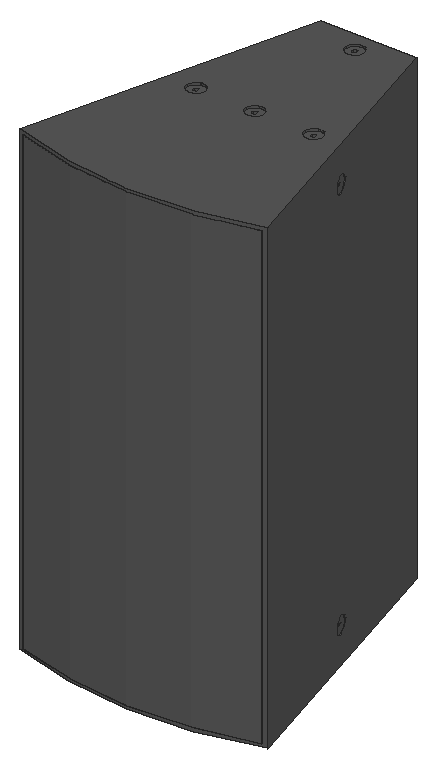
Revit family "1Electronics_Community-Point-Source_Biamp_IP6_1152WR", category Communication Devices, host Face, Revit 2020
Family settings
  Host = Face
  Maintain Annotation Orientation = No
  Round Connector Dimension = Use Diameter
  Part Type = Normal
  OmniClass Number = 23.85.10.11.14.14.14
  OmniClass Title = Loudspeakers
  Cut with Voids When Loaded = No
  Shared = No
  Room Calculation Point = No
Parameters (values of type "Please download type catalogue!")
  Width = 1' - 4 1/2"  # constant formula
  Weight = 79.00 lbf  # constant formula
  URL = "https://www.biamp.com/"
  Transducers = "LF 1 x 15 (381mm) ferrite driver, 3 (76mm) voice coil; HF 1 x 1.4 (36mm) exit, 3 (76mm) voice coil, hybrid titanium polyimide diaphragm, ferrite compression driver"  # constant formula
  Shipping Weight = 92.00 lbf  # constant formula
  Recommended Amplifiers = "LF - 500W - 1000W @ 8 ohms, (63V - 89V); HF - 75W - 150W @ 8 ohms (24V - 35V)"  # constant formula
  Product data url = "https://www.bimobject.com/biamp/product/ip6-1152wr_community-point-source"
  Product Page URL = "https://www.biamp.com/products/product-families/community/point-source#ip6-1152wr"
  Product Documentation Link = "https://www.biamp.com/products/product-families/community/point-source#ip6-1152wr"
  Operating Range = ""
  Operating Mode = "Passive or Biamp with DSP"  # constant formula
  Operating Environment = "Weather-Resistant Outdoor"  # constant formula
  Nominal Sensitivity = ""
  Nominal Maximum SPL (Whole Space) = ""
  Nominal Beamwidth (H x V) = ""
  Mounting Points = "15"  # constant formula
  Model = ""
  Manufacturer = "Biamp"  # constant formula
  Input Connection = "Sealed Gland Nut with 12ft (3.6m) 14 Ga. SJOW cable"  # constant formula
  Housing Material = Biamp - Plastic - Black
  Height = 2' - 6 205/256"  # constant formula
  Gril Material = Biamp - Plastic - Black(Grid)
  Equalized Sensitivity = "1W: 95 dB - 2.83V: 95 dB"  # constant formula
  Equalized Maximum SPL = "Peak: 129 dB - Continuous: 123 dB"  # constant formula
  Environmental = "IP55W per IEC 60529 "  # constant formula
  Description = "IP6-1152WR Medium Power 15-Inch Two-Way Weather-Resistant Installation Loudspeaker"  # constant formula
  Depth = 1' - 8 9/128"  # constant formula
  Default Elevation = 4' - 0"
  Continuous Power Handling  Nominal Impedance = "LF - 63V, 500W @ 8 ohms (2000W peak); HF - 24V, 75W @ 8 ohms (300W peak)"  # constant formula
Reference planes (in)
  plane 1 "Center (Front/Back)": y = 0
  plane 2: z = 0
  plane 3 "Center (Left/Right)": x = 0
Forms (in)
  Extrusion 1, solid, material "Biamp - Plastic - Black" <- "Housing Material", detail levels medium+fine
    sketch origin (0.06099, 0, 0) x (1, 0, 0) y (0, 1, 0)
      loop
        arc (-8.31099, -9.03391) -> (-0.07454, -10.47654) -> (8.18901, -9.19815) r 25.69511
        line (8.18901, -9.19815) -> (3.02372, 9.59333) -> (-3.34569, 9.59333) -> (-8.31099, -9.03391)
    from 0 to 30.79921
  Extrusion 2, void
    sketch origin (0.06099, 0, 0) x (1, 0, 0) y (0, 1, 0)
      loop
        arc (7.84273, -9.1027) -> (-0.07506, -10.27968) -> (-7.9676, -8.94379) r 25.49826
        line (-7.9676, -8.94379) -> (-8.01841, -9.1344)
        arc (-8.01841, -9.1344) -> (-0.07429, -10.47654) -> (7.89494, -9.29264) r 25.69511
        line (7.89494, -9.29264) -> (7.84273, -9.1027)
    from 0.19685 to 30.60236
  Extrusion 3, void
    sketch origin (0.06099, 0, 0) x (1, 0, 0) y (0, 1, 0)
      loop
        circle (-3.88574, 0) r 0.59055
      loop
        circle (0, 0) r 0.59055
      loop
        circle (3.88574, 0) r 0.59055
      loop
        circle (0, 8.26772) r 0.59055
    from 30.79921 to 30.70079
  Extrusion 4, void
    sketch origin (0.06099, 0, 0) x (1, 0, 0) y (0, 1, 0)
      loop
        circle (-3.88574, 0) r 0.15748
      loop
        circle (0, 0) r 0.15748
      loop
        circle (3.88574, 0) r 0.15748
      loop
        circle (0, 8.26772) r 0.15748
    from 30.48425 to 30.70079
  Extrusion 5, void
    sketch origin (3.47526, 8.1725, -0.11969) x (-0.265043, 0.964237, 0) y (0, 0, -1)
      loop
        circle (-8.43473, -2.47439) r 0.59055
      loop
        circle (-8.43473, -28.5642) r 0.59055
    from 0 to 0.09843
  Extrusion 6, void
    sketch origin (3.47526, 8.1725, -0.11969) x (-0.265043, 0.964237, 0) y (0, 0, -1)
      loop
        circle (-8.43473, -2.47439) r 0.15748
      loop
        circle (-8.43473, -28.5642) r 0.15748
    from 0.09843 to 0.19685
  Extrusion 7, void
    sketch origin (-8.00858, -8.12824, -0.01138) x (-0.257568, -0.96626, 0) y (0, 0, -1)
      loop
        circle (-8.58908, -2.3454) r 0.59055
      loop
        circle (-8.58908, -28.47658) r 0.59055
    from 0 to 0.09843
  Extrusion 8, void
    sketch origin (-8.00858, -8.12824, -0.01138) x (-0.257568, -0.96626, 0) y (0, 0, -1)
      loop
        circle (-8.58908, -2.3454) r 0.15748
      loop
        circle (-8.58908, -28.47658) r 0.15748
    from 0.09843 to 0.19685
  Extrusion 9, solid, material "Biamp - Plastic - Black(Grid)" <- "Gril Material", detail levels medium+fine
    sketch origin (0.06099, 0, 0) x (1, 0, 0) y (0, 1, 0)
      loop
        line (7.89494, -9.29264) -> (7.84273, -9.1027)
        arc (7.84273, -9.1027) -> (-0.07506, -10.27968) -> (-7.9676, -8.94379) r 25.49826
        line (-7.9676, -8.94379) -> (-8.01841, -9.1344)
        arc (-8.01841, -9.1344) -> (-0.07429, -10.47654) -> (7.89494, -9.29264) r 25.69511
    from 0.19685 to 30.60236
  Extrusion 10, void
    sketch origin (-2.59572, 9.59333, 0) x (-1, 0, 0) y (0, 0, -1)
      loop
        circle (-2.65672, -14.34419) r 0.59055
      loop
        circle (-2.65672, -2.39197) r 0.59055
      loop
        circle (-2.65672, -28.40725) r 0.59055
    from 0 to 0.09843
  Extrusion 11, void
    sketch origin (-2.59572, 9.59333, 0) x (-1, 0, 0) y (0, 0, -1)
      loop
        circle (-2.65672, -14.34419) r 0.15748
      loop
        circle (-2.65672, -2.39197) r 0.15748
      loop
        circle (-2.65672, -28.40725) r 0.15748
    from 0 to 0.19685
  Extrusion 12, void
    sketch origin (-2.59572, 9.59333, 0) x (-1, 0, 0) y (0, 0, -1)
      loop
        line (-4.83035, -12.09383) -> (-0.49964, -12.09383) -> (-0.49964, -5.00722) -> (-4.83035, -5.00722) -> (-4.83035, -12.09383)
    from 0 to 0.19685
  Extrusion 13, solid, material "Biamp - Plastic - Black" <- "Housing Material", detail levels medium+fine
    sketch origin (-2.59572, 9.59333, 0) x (1, 0, 0) y (0, 0, -1)
      loop
        line (0.49964, -12.09383) -> (4.83035, -12.09383) -> (4.83035, -5.00722) -> (0.49964, -5.00722) -> (0.49964, -12.09383)
    from 0 to -0.19685
  Extrusion 14, solid, material "Biamp - Plastic - Black" <- "Housing Material", detail levels coarse
    sketch origin (0.06099, 0, 0) x (1, 0, 0) y (0, 1, 0)
      loop
        line (-3.34569, 9.59333) -> (-8.31099, -9.03391)
        arc (-8.31099, -9.03391) -> (-0.07454, -10.47654) -> (8.18901, -9.19815) r 25.69511
        line (8.18901, -9.19815) -> (3.02372, 9.59333) -> (-3.34569, 9.59333)
    from 0 to 30.79921
  Extrusion 15, solid, material "Biamp - Plastic - Black" <- "Housing Material", detail levels medium+fine
    sketch origin (-2.59572, 9.59333, 0) x (1, 0, 0) y (0, 0, -1)
      loop
        line (4.46661, -11.73413) -> (4.46661, -11.23413) -> (3.96661, -11.23413) -> (3.96661, -11.73413) -> (4.46661, -11.73413)
    from 0 to 0.00716
  Extrusion 16, solid, material "Biamp - Plastic - Black" <- "Housing Material", detail levels medium+fine
    sketch origin (-3.71008, 9.59333, -1) x (1, 0, 0) y (0, 0, -1)
      loop
        line (4.46661, -11.73413) -> (4.46661, -11.23413) -> (3.96661, -11.23413) -> (3.96661, -11.73413) -> (4.46661, -11.73413)
    from 0 to 0.00716
  Extrusion 17, solid, material "Biamp - Plastic - Black" <- "Housing Material", detail levels medium+fine
    sketch origin (-2.59572, 9.59333, -1) x (1, 0, 0) y (0, 0, -1)
      loop
        line (4.46661, -11.73413) -> (4.46661, -11.23413) -> (3.96661, -11.23413) -> (3.96661, -11.73413) -> (4.46661, -11.73413)
    from 0 to 0.00716
Cuts and joins
  Extrusion 2, Extrusion 3, Extrusion 4, Extrusion 5, Extrusion 6, Extrusion 7, Extrusion 8, Extrusion 10, Extrusion 11, Extrusion 12 cuts Extrusion 1
Lines and regions (in)
  Masking region 1
    outline origin (0.06099, 0, 0) x (1, 0, 0) y (0, 1, 0)
      loop
        line (-3.34569, 9.59333) -> (-8.31099, -9.03391)
        arc (-8.31099, -9.03391) -> (-0.07454, -10.47654) -> (8.18901, -9.19815) r 25.69511
        line (8.18901, -9.19815) -> (3.02372, 9.59333) -> (-3.34569, 9.59333)
  Masking region 2
    outline origin (0, 0, 0) x (1, 0, 0) y (0, 0, 1)
      loop
        line (-8.38193, 30.79921) -> (-8.38193, 0) -> (8.28586, 0) -> (8.28586, 30.79921) -> (-8.38193, 30.79921)
  Masking region 3, detail levels medium+fine
    outline origin (0, 0, 0) x (1, 0, 0) y (0, 0, 1)
      loop
        line (-8.19568, 30.60236) -> (-8.19568, 0.19685) -> (8.09869, 0.19685) -> (8.09869, 30.60236) -> (-8.19568, 30.60236)
  Masking region 4
    outline origin (0, 0, 0) x (0, 1, 0) y (0, 0, 1)
      loop
        line (9.59333, 30.79921) -> (-8.60072, 30.79921) -> (-8.60072, 0) -> (9.59333, 0) -> (9.59333, 30.79921)
  Masking region 5
    outline origin (0, 0, 0) x (0, 1, 0) y (0, 0, 1)
      loop
        line (-8.60072, 30.79921) -> (-10.03937, 30.79921) -> (-10.03937, 0) -> (-8.60072, 0) -> (-8.60072, 30.79921)
  symbolic lines, detail levels medium+fine
    curve 1: arc (-0.52956, 8.26772, 0) -> (0.06099, 7.67717, 0) -> (0.65155, 8.26772, 0) r 0.59055
    curve 2: arc (0.65155, 8.26772, 0) -> (0.06099, 8.85827, 0) -> (-0.52956, 8.26772, 0) r 0.59055
    curve 3: arc (-0.52956, 0, 0) -> (0.06099, -0.59055, 0) -> (0.65155, 0, 0) r 0.59055
    curve 4: arc (0.65155, 0, 0) -> (0.06099, 0.59055, 0) -> (-0.52956, 0, 0) r 0.59055
    curve 5: arc (-3.2342, 0, 0) -> (-3.82475, 0.59055, 0) -> (-4.4153, 0, 0) r 0.59055
    curve 6: arc (-4.4153, 0, 0) -> (-3.82475, -0.59055, 0) -> (-3.2342, 0, 0) r 0.59055
    curve 7: arc (3.35619, 0, 0) -> (3.94674, -0.59055, 0) -> (4.53729, 0, 0) r 0.59055
    curve 8: arc (4.53729, 0, 0) -> (3.94674, 0.59055, 0) -> (3.35619, 0, 0) r 0.59055
    curve 9: arc (-0.09649, 0, 0) -> (0.06099, -0.15748, 0) -> (0.21847, 0, 0) r 0.15748
    curve 10: arc (0.21847, 0, 0) -> (0.06099, 0.15748, 0) -> (-0.09649, 0, 0) r 0.15748
    curve 11: arc (-3.98223, 0, 0) -> (-3.82475, -0.15748, 0) -> (-3.66727, 0, 0) r 0.15748
    curve 12: arc (-3.66727, 0, 0) -> (-3.82475, 0.15748, 0) -> (-3.98223, 0, 0) r 0.15748
    curve 13: arc (4.10422, 0, 0) -> (3.94674, 0.15748, 0) -> (3.78926, 0, 0) r 0.15748
    curve 14: arc (3.78926, 0, 0) -> (3.94674, -0.15748, 0) -> (4.10422, 0, 0) r 0.15748
    curve 15: arc (0.21847, 8.26772, 0) -> (0.06099, 8.4252, 0) -> (-0.09649, 8.26772, 0) r 0.15748
    curve 16: arc (-0.09649, 8.26772, 0) -> (0.06099, 8.11024, 0) -> (0.21847, 8.26772, 0) r 0.15748
    curve 17: spline (0, -0.55086, 2.33402) -> (0, -0.53146, 2.48687) -> (0, -0.4746, 2.62929) -> (0, -0.38416, 2.7516) -> (0, -0.26628, 2.84545) -> (0, -0.12901, 2.90445) -> (0, 0.01829, 2.92457) -> (0, 0.1656, 2.90445) -> (0, 0.30287, 2.84545) -> (0, 0.42074, 2.7516) -> (0, 0.51119, 2.62929) -> (0, 0.56805, 2.48687) -> (0, 0.58744, 2.33402)
    curve 18: spline (0, 0.58744, 2.33402) -> (0, 0.56805, 2.18117) -> (0, 0.51119, 2.03874) -> (0, 0.42074, 1.91644) -> (0, 0.30287, 1.82259) -> (0, 0.1656, 1.76359) -> (0, 0.01829, 1.74347) -> (0, -0.12901, 1.76359) -> (0, -0.26628, 1.82259) -> (0, -0.38416, 1.91644) -> (0, -0.4746, 2.03874) -> (0, -0.53146, 2.18117) -> (0, -0.55086, 2.33402)
    curve 19: spline (0, 0.14381, 2.33402) -> (0, 0.13864, 2.29326) -> (0, 0.12347, 2.25528) -> (0, 0.09936, 2.22266) -> (0, 0.06792, 2.19764) -> (0, 0.03132, 2.18191) -> (0, -0.00796, 2.17654) -> (0, -0.04725, 2.18191) -> (0, -0.08385, 2.19764) -> (0, -0.11528, 2.22266) -> (0, -0.1394, 2.25528) -> (0, -0.15457, 2.29326) -> (0, -0.15974, 2.33402)
    curve 20: spline (0, -0.15974, 2.33402) -> (0, -0.15457, 2.37478) -> (0, -0.1394, 2.41276) -> (0, -0.11528, 2.44537) -> (0, -0.08385, 2.4704) -> (0, -0.04725, 2.48613) -> (0, -0.00796, 2.4915) -> (0, 0.03132, 2.48613) -> (0, 0.06792, 2.4704) -> (0, 0.09936, 2.44537) -> (0, 0.12347, 2.41276) -> (0, 0.13864, 2.37478) -> (0, 0.14381, 2.33402)
    curve 21: spline (0, -0.55086, 28.46519) -> (0, -0.53146, 28.31235) -> (0, -0.4746, 28.16992) -> (0, -0.38416, 28.04761) -> (0, -0.26628, 27.95376) -> (0, -0.12901, 27.89476) -> (0, 0.01829, 27.87464) -> (0, 0.1656, 27.89476) -> (0, 0.30287, 27.95376) -> (0, 0.42074, 28.04761) -> (0, 0.51119, 28.16992) -> (0, 0.56805, 28.31235) -> (0, 0.58744, 28.46519)
    curve 22: spline (0, 0.58744, 28.46519) -> (0, 0.56805, 28.61804) -> (0, 0.51119, 28.76047) -> (0, 0.42074, 28.88278) -> (0, 0.30287, 28.97663) -> (0, 0.1656, 29.03562) -> (0, 0.01829, 29.05574) -> (0, -0.12901, 29.03562) -> (0, -0.26628, 28.97663) -> (0, -0.38416, 28.88278) -> (0, -0.4746, 28.76047) -> (0, -0.53146, 28.61804) -> (0, -0.55086, 28.46519)
    curve 23: spline (0, 0.14381, 28.46519) -> (0, 0.13864, 28.50595) -> (0, 0.12347, 28.54393) -> (0, 0.09936, 28.57655) -> (0, 0.06792, 28.60158) -> (0, 0.03132, 28.61731) -> (0, -0.00796, 28.62267) -> (0, -0.04725, 28.61731) -> (0, -0.08385, 28.60158) -> (0, -0.11528, 28.57655) -> (0, -0.1394, 28.54393) -> (0, -0.15457, 28.50595) -> (0, -0.15974, 28.46519)
    curve 24: spline (0, -0.15974, 28.46519) -> (0, -0.15457, 28.42443) -> (0, -0.1394, 28.38645) -> (0, -0.11528, 28.35384) -> (0, -0.08385, 28.32881) -> (0, -0.04725, 28.31308) -> (0, -0.00796, 28.30771) -> (0, 0.03132, 28.31308) -> (0, 0.06792, 28.32881) -> (0, 0.09936, 28.35384) -> (0, 0.12347, 28.38645) -> (0, 0.13864, 28.42443) -> (0, 0.14381, 28.46519)
Dimensions and locks (in)
  aligned and locked: plane 2 to host face
  aligned and locked: level to host face
Connectors (in)
  electrical at (1.62089, 9.60048, 11.48413)
    settings: on Extrusion 15, index 1, voltage 69 V, apparent load 0 VA, apparent load phase1 2400 VA, apparent load phase2 0 VA, apparent load phase3 0 VA, power factor 1, load classification "Other", number of poles 1, system type 5, power factor state 1, is connector primary yes, connector utility no, sub classification motor no, connector description "Screw terminal blocks; Passive input"
  electrical at (0.50653, 9.60048, 10.48413)
    settings: on Extrusion 16, index 2, voltage 0 V, apparent load 0 VA, apparent load phase1 0 VA, apparent load phase2 0 VA, apparent load phase3 0 VA, power factor 1, load classification "Other", number of poles 1, system type 5, power factor state 1, is connector primary no, connector utility no, sub classification motor no, connector description "Screw terminal blocks; Biamp input"
  electrical at (1.62089, 9.60048, 10.48413)
    settings: on Extrusion 17, index 3, voltage 69 V, apparent load 0 VA, apparent load phase1 2400 VA, apparent load phase2 0 VA, apparent load phase3 0 VA, power factor 1, load classification "Other", number of poles 1, system type 5, power factor state 1, is connector primary no, connector utility no, sub classification motor no, connector description "Screw terminal blocks; Passive thru"
